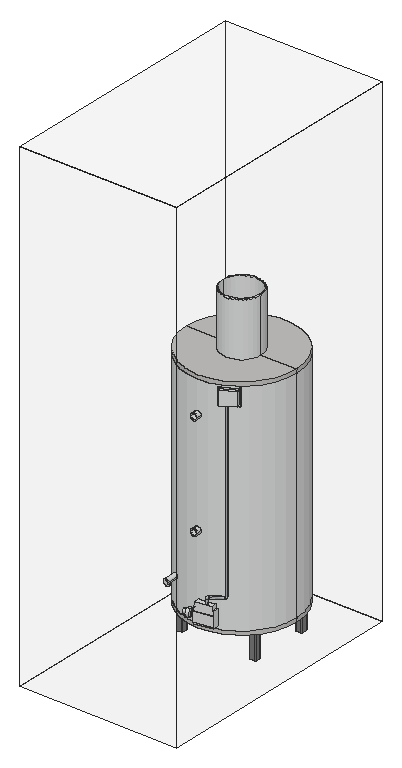
Revit family "HIflo-Range-Non-Condensing_54-418_Water-Heater_LOD200", category Mechanical Equipment, Revit 2014
Parameters (values of type "HIflo-Range_54-418")
  Weekly = ""
  Warranty ID = ""
  Voltage = 240 V  # constant formula
  URL = "http://www.andrewswaterheaters.co.uk/index.htm"
  Type = "Direct Gas Fired Water Heater"  # constant formula
  Supply Phase = "Single Phase"  # constant formula
  Storage Capacity = 245.00 L  # constant formula
  Shipping Weight = 293.00 kg  # constant formula
  Shipping Carton Width = 762 mm  # constant formula
  Shipping Carton Length = 914 mm  # constant formula
  Shipping Carton Height = 1960 mm  # constant formula
  Shape = "Cylindrical (Vertical)"  # constant formula
  Secondary Return Connection Type = "Threaded"  # constant formula
  Secondary Return Connection Size = 19.05 mm  # constant formula
  Safety Valve Connection Type = "Threaded"  # constant formula
  Safety Valve Connection Size = 25.4 mm  # constant formula
  Responsible Sourcing of Materials = ""
  Responsible Extraction of Materials = yes
  Reference Standard = "BSE 89"  # constant formula
  Recovery Rate litre/min = "28"  # constant formula
  Quarterly = ""
  Product Range = "Hiflo Range"  # constant formula
  Product Literature = "http://www.andrewswaterheaters.co.uk/downloads/Product_range_guide.pdf"
  Power Consumption of Shunt Pump = 0 W  # constant formula
  Overall Width = 0 mm  # constant formula
  Overall Length = 0 mm  # constant formula
  Overall Height = 1985 mm  # constant formula
  Overall Diameter = 711 mm  # constant formula
  Operation = "On/Off"  # constant formula
  Oil Flow Rate kg/h = "0"  # constant formula
  Oil Consumption Rate l/h = "0"  # constant formula
  O&M Manual = "http://www.andrewswaterheaters.co.uk/literature-library/current-products.htm"
  Nominal Oil Inlet Pressure mbar = "0"  # constant formula
  Nominal Gas Inlet Pressure = "21"  # constant formula
  Nett Weight = 514.00 kg  # constant formula
  Mounting = "Floor Standing"  # constant formula
  Monthly = ""
  Model = "54/418"  # constant formula
  Minimum Power Consumption = 120 W  # constant formula
  Minimum Oil Inlet Pressure mbar = "0"  # constant formula
  Minimum Gas Inlet Pressure mbar = "18"  # constant formula
  Min Operating Pressure mbar = "1"  # constant formula
  Maximum Water Temperature = 83 °F  # constant formula
  Maximum Starting Current = 3 A  # constant formula
  Maximum Power Consumption = 120 W  # constant formula
  Maximum Oil Inlet Pressure mbar = "0"  # constant formula
  Maximum Gas Inlet Pressure mbar = "40"  # constant formula
  Max Operating Pressure When Unvented = 3.50 psi  # constant formula
  Max Operating Pressure When Open Vented = 10.30 psi  # constant formula
  Material Ingredient Reporting = ""
  Manufacturer = "Andrews Water Heaters"  # constant formula
  Maintenance Required 8001-12000hrs = ""
  Maintenance Required 601-1000hrs = ""
  Maintenance Required 40001-8000hrs = ""
  Maintenance Required 301-600hrs = ""
  Maintenance Required 2001-4000hrs = ""
  Maintenance Required 1001-2000hrs = ""
  Maintenance Required 0-300hrs = ""
  Location of Manufacturer-GridRef = ""
  Life Cycle Analysis = ""
  Interlocks = yes
  Insulation Type = "Foam Injected"  # constant formula
  Insulation Thickness = 50 mm  # constant formula
  Heat Up Time mins = "9"  # constant formula
  Heat Loss kWh/24h = "283"  # constant formula
  Heat Generator Efficiency = "76"  # constant formula
  Heat Exchanger Material = Steel Glass Lined
  Gross Weight = 269.00 kg  # constant formula
  Gross Input Of Appliance = 128 Btu/h  # constant formula
  Green Guide for Specification = ""
  Gas Flow Rate = 11.94 CFM  # constant formula
  Gas Consumption rate = 11.94 CFM  # constant formula
  Fuse Rating = 5 A  # constant formula
  Full Load Current = 3 A  # constant formula
  Fuel Connection Type = "Threaded"  # constant formula
  Fuel Connection Size = 19.1 mm  # constant formula
  Fuel = "Gas - NG"  # constant formula
  Frequency = 50 Hz  # constant formula
  Flue or Air Intake Classification = "B11"  # constant formula
  Flue Connection Type = "External"  # constant formula
  Flue Connection Size = 250 mm  # constant formula
  Flue Connection Radius = Flue Connection Size / 2  # 125 mm
  Flue Connection Note = "80mm / 125mm"  # constant formula
  Flow and Return Connection Type = "Threaded"  # constant formula
  Flow and Return Connection Size = 38.1 mm  # constant formula
  Finish = "Painted"  # constant formula
  Features = "Open Flue Atmospheric Natural Draught"  # constant formula
  External Material = Aluminium
  Expected Life = ""
  ErP Energy Label = yes
  Environmental Product Declaration = ""
  Energy Technology List = no
  Enclosure Rating = "20"  # constant formula
  Emissions mg/kWh = "216"  # constant formula
  Embodied Carbon kgCO2e = ""
  Drain Connection Type = "Threaded"  # constant formula
  Drain Connection Size = 19.05 mm  # constant formula
  Daily = ""
  Control Type = "Internal"  # constant formula
  Control ThermostatRange = 40 °F
  Control Thermostat Range Note = "40 to 83"  # constant formula
  Continuous Output at 50 Degree Differential l/h = "1668"  # constant formula
  Continuous Output at 44 Degree Differential l/h = "1895"  # constant formula
  Condensing = no
  Condensate Drain Size = 0 mm  # constant formula
  Colour = "Grey (RAL 7047)"  # constant formula
  Clearance Box Visibility [instance] = yes
  Clean Out and Inspection Opening Type = "Flanged"  # constant formula
  CE Approval = "Yes - 0063AO1090"  # constant formula
  Bespoke Timeframe = ""
  BMS Links = yes
  Annually = ""
  Air Inlet Connection Type = "External"  # constant formula
  Air Inlet Connection Size = 0 mm  # constant formula
  Access Clearance Top = 1143 mm  # constant formula
  Access Clearance Right = 150 mm  # constant formula
  Access Clearance Rear = 150 mm  # constant formula
  Access Clearance Left = 150 mm  # constant formula
  Access Clearance Front = 800 mm  # constant formula
  Access Clearance Bottom = 0 mm  # constant formula
  6 Monthly = ""
Reference planes
  plane 1 "Center (Front/Back)": y = 0
  plane 2: z = 0
  plane 3 "Center (Left/Right)": x = 0
  plane 4: y = 355.5
  plane 5: y = -355.5
  plane 6: x = -355.5
  plane 7: x = 355.5
  plane 8: x = -505.5
  plane 9: x = 505.5
  plane 10: y = 505.5
  plane 11: y = -1155.5
  plane 12: z = 1985
  plane 13: z = 3128
Forms (mm)
  Extrusion 1, solid, material "Glass - Clear - Amber", visible <- "Clearance Box Visibility"
    sketch origin (2455.198, -3524, 0) x (0, -1, 0) y (1, 0, 0)
      loop
        line (-4029.5, -1949.698) -> (-4029.5, -2960.698) -> (-2368.5, -2960.698) -> (-2368.5, -1949.698) -> (-4029.5, -1949.698)
    from 0 to 3128
Dimensions and locks
  equal spacing: plane 6, plane 3 "Center (Left/Right)", plane 7
  equal spacing: plane 4, plane 1 "Center (Front/Back)", plane 5
  "Overall Diameter": plane 4 to plane 5
  "Overall Diameter": plane 6 to plane 7
  "Access Clearance Left": plane 8 to plane 6
  "Access Clearance Right": plane 7 to plane 9
  "Access Clearance Rear": plane 10 to plane 4
  "Access Clearance Front": plane 11 to plane 5
  "Overall Height": plane 12 to level
  "Access Clearance Top": plane 13 to plane 12
  aligned and locked: level to plane 2
  aligned and locked: level to Extrusion 1
  aligned and locked: plane 13 to Extrusion 1
  aligned and locked: plane 9 to Extrusion 1
  aligned and locked: Extrusion 1 to plane 8
  aligned and locked: plane 10 to Extrusion 1
  aligned and locked: plane 11 to Extrusion 1
  aligned and locked: plane 3 "Center (Left/Right)" to nested 1
  aligned and locked: level to nested 1
  aligned and locked: plane 1 "Center (Front/Back)" to nested 1
Automatic sketch dimensions
  Extrusion 1 sketch curve to plane 11 = 1661 mm
  Extrusion 1 sketch curve to Extrusion 1 sketch curve = 1661 mm
  Extrusion 1 sketch curve to plane 9 = 0 mm
  Extrusion 1 sketch curve to Extrusion 1 sketch curve = 1011 mm
Nested families
  nested 1: "HIflo-Range-Non-Condensing_54-418" at (0, 0, 170), type "Parametric"
    with Outlet Height 384 mm, OH 2170 mm, Flue Connection Radius 62.5 mm
Connectors
  hvac at (0, 0, 1985)
    settings: on nested 1, index 1, duct flow 0 CFM, flow factor 0, pres drop 0.00 in-wg, loss coef 0, conn angle 0.00°, conn width 12", conn height 12", conn diameter 9.84252", duct sys type 3, conn prof type 0, flow config 0, flow direction 2, loss method 0, conn ref index -1, conn util yes, is conn primary yes, conn desc "Flue Connection"
  piping at (0, -385.5, 1404), diameter 42
    settings: on nested 1, index 2, connector inside diameter 609.6 mm, connector length 0 mm, flow factor 0, pipe flow 0 GPM, pressure drop 0.00 psi, fitting loss kfactor 0, connector angle 0.00°, fixture units 0, engagement length 0 mm, angle of deflection 0.00°, flow configuration 0, flow direction 2, fitting loss method 0, system type 19, joint type 0, gender type 0, connector reference index -1, connector utility 1, adjustable connector no, is connector primary yes, connector description "Hot Water Flow"
  piping at (0, -385.5, 734), diameter 42
    settings: on nested 1, index 3, connector inside diameter 609.6 mm, connector length 0 mm, flow factor 0, pipe flow 0 GPM, pressure drop 0.00 psi, fitting loss kfactor 0, connector angle 0.00°, fixture units 0, engagement length 0 mm, angle of deflection 0.00°, flow configuration 0, flow direction 1, fitting loss method 0, system type 7, joint type 0, gender type 0, connector reference index -1, connector utility 1, adjustable connector no, is connector primary no, connector description "Alternative Side Inlet"
  piping at (-181.25, -369.75, 359), diameter 19.05, driven by "Drain Connection Size"
    settings: on nested 1, index 4, connector inside diameter 609.6 mm, connector length 0 mm, flow factor 0, pipe flow 0 GPM, pressure drop 0.00 psi, fitting loss kfactor 0, connector angle 0.00°, fixture units 0, engagement length 0 mm, angle of deflection 0.00°, flow configuration 0, flow direction 2, fitting loss method 0, system type 16, joint type 0, gender type 0, connector reference index -1, connector utility 1, adjustable connector no, is connector primary no, connector description "Drain/Return Connection"
  piping at (-56.841, -393.446, 264), diameter 19.1, driven by "Fuel Connection Size"
    settings: on nested 1, index 5, connector inside diameter 609.6 mm, connector length 0 mm, flow factor 0, pipe flow 0 GPM, pressure drop 0.00 psi, fitting loss kfactor 0, connector angle 0.00°, fixture units 0, engagement length 0 mm, angle of deflection 0.00°, flow configuration 0, flow direction 1, fitting loss method 0, system type 7, joint type 0, gender type 0, connector reference index -1, connector utility 1, adjustable connector no, is connector primary no, connector description "Gas Connection"
  electrical at (179.323, -330.28, 1547), driven by "Voltage", driven by "Maximum Power Consumption"
    settings: on nested 1, index 6, voltage 240 V, apparent load 120 VA, apparent load phase1 0 VA, apparent load phase2 0 VA, apparent load phase3 0 VA, power factor 1, load classification "Other", number of poles 1, system type 30, power factor state 1, is connector primary yes, connector utility yes, sub classification motor yes, connector description "Power Connection"
  electrical at (169.451, -312.887, 1547)
    settings: on nested 1, index 7, voltage 0 V, apparent load 0 VA, apparent load phase1 0 VA, apparent load phase2 0 VA, apparent load phase3 0 VA, power factor 1, load classification "Other", number of poles 1, system type 5, power factor state 1, is connector primary no, connector utility yes, sub classification motor no, connector description "Power Anodes"
Definition of nested family "HIflo-Range-Non-Condensing_54-418"
  Parameters (values of type "Parametric")
    URL = ""
    Radius = Overall Diameter / 2  # 355.5 mm
    R = 125 mm
    Overall Height = 1635 mm
    Overall Diameter = 711 mm
    Outlet Height [instance] = 435 mm
    OH [instance] = 2170 mm
    Outer Radius = Radius + 50 mm  # 405.5 mm
    Model = "EC230/600"
    Manufacturer = "Andrews Water Heaters"  # constant formula
    Leg VO = HO + 50 mm  # 168.5 mm
    HO = Radius / 3  # 118.5 mm
    Flue Connection Radius [instance] = 62.5 mm
    External Material = Aluminium
    Description = "Condensing Storage Water Heater"
    Cold Water Inlet = 734 mm
    CW Radius = 19.1 mm
    Base Material = Metal - Stainless Steel
  Reference planes
    plane 1 "Center (Front/Back)": y = 0
    plane 2: z = 0
    plane 3 "Center (Left/Right)": x = 0
    plane 4: x = -355.5
    plane 5: x = 355.5
    plane 6: y = 355.5
    plane 7: y = -355.5
    plane 8: z = 1465
    plane 9: z = 1440
    plane 10: z = 25
    plane 11: y = -385.5
    plane 12: z = 732.5
    plane 13: z = 1234
    plane 14: z = 1480
    plane 15: x = 330.5
    plane 16: x = 253
    plane 17: x = 188.149
    plane 18: x = -100
    plane 19: z = -170
    plane 20: z = 265
    plane 21: z = 240
    plane 22: y = -369.75
    plane 23: z = 564
    plane 24: y = -335.5
    plane 25: x = 237
    plane 26: y = -187
    plane 27: x = -237
    plane 28: y = 187
    plane 29: z = 94
    plane 30: z = 1430
    plane 31: z = 708
    plane 32: x = -181.5
    plane 33: y = -335.5
    plane 34: z = 750.009
    plane 35: z = 1815
    plane 36: z = 1726
  Forms (mm)
    Revolve 1, solid, material "Aluminium"
      sketch origin (0, 0, 0) x (1, 0, 0) y (0, 0, 1)
        loop
          line (-355.5, 1440) -> (-355.5, 25) -> (0, 25) -> (0, 1440) -> (-355.5, 1440)
        axis (0, 1440) -> (0, 25)
      angle from 0 to 360
    Revolve 2, solid, material "Metal - Stainless Steel" <- "Base Material"
      sketch origin (0, 0, 0) x (1, 0, 0) y (0, 0, 1)
        loop
          line (-355.5, 1465) -> (-355.5, 1440) -> (0, 1440) -> (0, 1465) -> (-355.5, 1465)
        loop
          line (-355.5, 0) -> (0, 0) -> (0, 25) -> (-355.5, 25) -> (-355.5, 0)
        axis (0, 1465) -> (0, 0)
      angle from 0 to 360
    Revolve 3, solid, material "Aluminium"
      sketch origin (0, 0, 0) x (1, 0, 0) y (0, 0, 1)
        loop
          line (-125, 1812.757) -> (-125, 1465) -> (-120, 1465) -> (-120, 1815) -> (-122.757, 1815)
          arc (-122.757, 1815) -> (-124.343, 1814.343) -> (-125, 1812.757) r 2.243
        axis (0, 1465) -> (0, 1815)
      angle from 0 to 360
    Extrusion 4, solid, material "Aluminium"
      sketch origin (-776.976, -228.5, 1200) x (-1, 0, 0) y (0, 0, -1)
        loop
          circle (-595.476, 935) r 15
      from -39.673 to 157
    Revolve 5, solid, material "Aluminium"
      sketch origin (-564.966, -1524, 564) x (-1, 0, 0) y (0, -1, 0)
        loop
          line (-545.866, -1138.5) -> (-545.866, -1188.5) -> (-543.866, -1188.5) -> (-543.866, -1138.5) -> (-545.866, -1138.5)
        axis (-564.966, -1188.5) -> (-564.966, -1138.5)
      angle from 0 to 360
    Extrusion 6, solid, material "Metal - Paint - Black Grey"
      sketch origin (-355.158, -1524, -170) x (-1, 0, 0) y (0, -1, 0)
        loop
          arc (-577.158, -1357) -> (-573.622, -1355.536) -> (-572.158, -1352) r 5
          line (-572.158, -1352) -> (-572.158, -1322)
          arc (-572.158, -1322) -> (-573.622, -1318.464) -> (-577.158, -1317) r 5
          line (-577.158, -1317) -> (-607.158, -1317)
          arc (-607.158, -1317) -> (-610.693, -1318.464) -> (-612.158, -1322) r 5
          line (-612.158, -1322) -> (-612.158, -1352)
          arc (-612.158, -1352) -> (-610.693, -1355.536) -> (-607.158, -1357) r 5
          line (-607.158, -1357) -> (-577.158, -1357)
        loop
          arc (-103.158, -1357) -> (-99.622, -1355.536) -> (-98.158, -1352) r 5
          line (-98.158, -1352) -> (-98.158, -1322)
          arc (-98.158, -1322) -> (-99.622, -1318.464) -> (-103.158, -1317) r 5
          line (-103.158, -1317) -> (-133.158, -1317)
          arc (-133.158, -1317) -> (-136.693, -1318.464) -> (-138.158, -1322) r 5
          line (-138.158, -1322) -> (-138.158, -1352)
          arc (-138.158, -1352) -> (-136.693, -1355.536) -> (-133.158, -1357) r 5
          line (-133.158, -1357) -> (-103.158, -1357)
        loop
          arc (-103.158, -1731) -> (-99.622, -1729.536) -> (-98.158, -1726) r 5
          line (-98.158, -1726) -> (-98.158, -1696)
          arc (-98.158, -1696) -> (-99.622, -1692.464) -> (-103.158, -1691) r 5
          line (-103.158, -1691) -> (-133.158, -1691)
          arc (-133.158, -1691) -> (-136.693, -1692.464) -> (-138.158, -1696) r 5
          line (-138.158, -1696) -> (-138.158, -1726)
          arc (-138.158, -1726) -> (-136.693, -1729.536) -> (-133.158, -1731) r 5
          line (-133.158, -1731) -> (-103.158, -1731)
        loop
          arc (-577.158, -1731) -> (-573.622, -1729.536) -> (-572.158, -1726) r 5
          line (-572.158, -1726) -> (-572.158, -1696)
          arc (-572.158, -1696) -> (-573.622, -1692.464) -> (-577.158, -1691) r 5
          line (-577.158, -1691) -> (-607.158, -1691)
          arc (-607.158, -1691) -> (-610.693, -1692.464) -> (-612.158, -1696) r 5
          line (-612.158, -1696) -> (-612.158, -1726)
          arc (-612.158, -1726) -> (-610.693, -1729.536) -> (-607.158, -1731) r 5
          line (-607.158, -1731) -> (-577.158, -1731)
      from 0 to 170
    Extrusion 7, solid, material "Aluminium"
      sketch origin (-333.263, -1537.75, 265) x (-1, 0, 0) y (0, -1, 0)
        loop
          circle (-152.013, -1168) r 9.525
        loop
          circle (-152.013, -1168) r 11.838
      from -25 to 0
    Revolve 8, solid, material "Aluminium"
      sketch origin (-355.158, -1524, 1234) x (-1, 0, 0) y (0, -1, 0)
        loop
          line (-336.058, -1138.5) -> (-336.058, -1188.5) -> (-334.058, -1188.5) -> (-334.058, -1138.5) -> (-336.058, -1138.5)
        axis (-355.158, -1188.5) -> (-355.158, -1138.5)
      angle from 0 to 360
  Cuts and joins
    joined: Revolve 1, Revolve 3, Extrusion 4, Revolve 5, Extrusion 7, Revolve 8
  Dimensions and locks
    equal spacing: plane 5, plane 3 "Center (Left/Right)", plane 4
    "Overall Diameter": plane 5 to plane 4
    "Overall Height": plane 8 to plane 19
    equal spacing: plane 6, plane 1 "Center (Front/Back)", plane 7
    "Overall Diameter": plane 6 to plane 7
    locked: plane 8 to plane 9 at 25
    locked: plane 10 to level at 25
    locked: plane 7 to plane 11 at 30
    equal spacing: plane 8, plane 12, level
    locked: plane 14 to plane 8 at 15
    locked: plane 15 to plane 5 at 25
    plane 3 "Center (Left/Right)" to plane 18 = 100 mm
    locked: level to plane 19 at 170
    "Outlet Height": plane 20 to plane 19
    plane 20 to plane 21 = 25 mm
    locked: plane 22 to plane 11 at 15.75
    "Cold Water Inlet": plane 23 to plane 19
    locked: Revolve 5 sketch curve to Revolve 5 sketch curve at 2
    locked: plane 7 to plane 24 at 20
    "CW Radius": Revolve 5 sketch curve to plane 3 "Center (Left/Right)"
    Extrusion 6 sketch curve to plane 26 to Extrusion 6 sketch curve = 20 mm locked, 20 mm locked  (x2)
    Extrusion 6 sketch curve to plane 25 to Extrusion 6 sketch curve = 20 mm locked, 20 mm locked  (x2)
    "HO": plane 25 to plane 5
    "HO": plane 4 to plane 27
    Extrusion 6 sketch curve to plane 27 to Extrusion 6 sketch curve = 20 mm locked, 20 mm locked  (x2)
    Extrusion 6 sketch curve to plane 28 to Extrusion 6 sketch curve = 20 mm locked, 20 mm locked  (x2)
    "Leg VO": plane 6 to plane 28
    "Leg VO": plane 7 to plane 26
    locked: plane 29 to plane 19 at 264
    locked: plane 9 to plane 30 at 10
    plane 31 to plane 19 = 878 mm
    "R": plane 3 "Center (Left/Right)" to Revolve 3 sketch curve
    locked: plane 32 to plane 4 at 174
    plane 13 to plane 19 = 1404 mm
    locked: Revolve 8 sketch curve to Revolve 8 sketch curve at 2
    plane 35 to plane 19 = 1985 mm
    aligned and locked: level to plane 2
    aligned and locked: Revolve 1 sketch curve to plane 4
    aligned and locked: Revolve 1 sketch curve to plane 9
    aligned and locked: Revolve 1 sketch curve to plane 3 "Center (Left/Right)"  (x2)
    aligned and locked: Revolve 1 sketch curve to plane 10
    aligned and locked: Revolve 2 sketch curve to plane 4  (x2)
    aligned and locked: Revolve 2 sketch curve to plane 9
    aligned and locked: Revolve 2 sketch curve to plane 8
    aligned and locked: Revolve 2 sketch curve to plane 3 "Center (Left/Right)"  (x3)
    aligned and locked: Revolve 2 sketch curve to level
    aligned and locked: Revolve 2 sketch curve to plane 10
    aligned and locked: plane 3 "Center (Left/Right)" to Revolve 3 sketch curve
    aligned and locked: plane 20 to Extrusion 4 sketch curve
    aligned and locked: Extrusion 4 to plane 11
    aligned and locked: Revolve 5 sketch curve to plane 24
    aligned and locked: plane 11 to Revolve 5 sketch curve
    aligned and locked: Revolve 5 sketch curve to plane 3 "Center (Left/Right)"
    aligned and locked: level to Extrusion 6
    aligned and locked: plane 3 "Center (Left/Right)" to nested 1
    aligned and locked: plane 32 to Extrusion 4 sketch curve
    aligned and locked: Revolve 8 sketch curve to plane 33
    aligned and locked: plane 11 to Revolve 8 sketch curve
    aligned and locked: Revolve 8 sketch curve to plane 3 "Center (Left/Right)"
    aligned and locked: nested 1 to plane 29
    aligned and locked: plane 20 to Extrusion 7
    aligned and locked: cut or joined group of Revolve 1, Revolve 3, Extrusion 4, Revolve 5, Extrusion 7, Revolve 8 to plane 21
  Automatic sketch dimensions
    plane 16 to Extrusion 6 sketch curve = 1 mm  (x4)
    Extrusion 6 sketch curve to Extrusion 6 sketch curve = 5 mm  (x12)
    Extrusion 7 sketch curve to Extrusion 7 sketch curve = 0 mm  (x2)
    Extrusion 7 sketch curve to plane 22 = 0 mm
    Extrusion 7 sketch curve to plane 27 = 55.75 mm
    Revolve 1 sketch curve to plane 19 = 303.045 mm
    plane 14 to Revolve 1 sketch curve = 935.315 mm
    Revolve 2 sketch curve to plane 19 = 303.045 mm
    plane 14 to Revolve 2 sketch curve = 935.315 mm
    Revolve 8 sketch curve to plane 3 "Center (Left/Right)" = 19.1 mm
    plane 6 to Revolve 8 sketch curve = 1771.5 mm
    Revolve 8 sketch curve to plane 11 = 1741.5 mm
    Revolve 3 sketch curve to plane 35 = 0 mm
    Revolve 3 sketch curve to plane 8 = 0 mm
    Revolve 3 sketch curve to Revolve 3 sketch curve = 2.243 mm
    Revolve 3 sketch curve to Revolve 3 sketch curve = 5 mm
    plane 14 to Revolve 3 sketch curve = 108.639 mm
    Revolve 3 sketch curve to Revolve 3 sketch curve = 20 mm
    plane 6 to Revolve 5 sketch curve = 1771.5 mm
    Revolve 5 sketch curve to plane 11 = 1741.5 mm
    radius of Extrusion 4 sketch curve = 15 mm
    radius of Extrusion 7 sketch curve = 9.525 mm
    radius of Extrusion 7 sketch curve = 11.838 mm
  Nested families
    nested 1: "Gas Cock" at (59.163, -350.542, 94) x (0.9861, 0.1664, 0) z (0.1664, -0.9861, 0), type "Gas Cock"
      with Height 1238 mm
  Definition of nested family "Gas Cock"
    Parameters (values of type "Gas Cock")
      Unit = Aluminium
      Height [instance] = 699.677 mm
      Default Elevation = 1219.2 mm
    Reference planes
      plane 1 "Center (Front/Back)": y = 0
      plane 2: z = 0
      plane 3 "Center (Left/Right)": x = 0
      plane 4: z = 2
      plane 5: z = 16.854
      plane 6: y = 699.677
      plane 7: x = 105.705
    Forms (mm)
      Extrusion 1, solid
        sketch origin (0, 0, 0) x (1, 0, 0) y (0, 1, 0)
          loop
            line (-1219.2, 1219.2) -> (-1219.2, -1219.2) -> (1219.2, -1219.2) -> (1219.2, 1219.2) -> (-1219.2, 1219.2)
        from 0 to -304.8
      Extrusion 2, solid, material "Aluminium" <- "Unit"
        sketch origin (0, 0, 0) x (1, 0, 0) y (0, 1, 0)
          loop
            line (-60, 25) -> (-60, -38) -> (60, -38) -> (60, 25) -> (-60, 25)
        from 0 to 43.501
      Extrusion 3, solid, material "Aluminium" <- "Unit"
        sketch origin (0, 0, 0) x (1, 0, 0) y (0, 1, 0)
          loop
            line (-60, 25) -> (60, 25) -> (60, 50) -> (50, 50) -> (50, 75) -> (-50, 75) -> (-50, 50) -> (-60, 50) -> (-60, 25)
          loop
            line (60, -38) -> (-60, -38) -> (-60, -50) -> (60, -50) -> (60, -38)
        from 0 to 35.631
      Revolve 4, solid, material "Aluminium" <- "Unit"
        sketch origin (0, 0, 23) x (1, 0, 0) y (0, 1, 0)
          loop
            line (-101.527, 13) -> (-121.527, 13) -> (-121.527, 0) -> (-2.605, 0) -> (-2.605, 16.125) -> (-70, 16.125) -> (-70, 13) -> (-81.527, 13) -> (-81.527, 23) -> (-101.527, 23) -> (-101.527, 13)
          axis (-2.605, 0) -> (-121.527, 0)
        angle from 0 to 360
      Sweep 5, solid
        path origin (25.278, 840, 22.718) x (0.920505, 0, -0.390731) y (0, 1, 0)
          loop
            line (85.586, -140.323) -> (85.586, -714.68)
            arc (85.586, -714.68) -> (83.62, -719.427) -> (78.873, -721.393) r 6.713
            line (78.873, -721.393) -> (-4.414, -721.393)
            arc (-4.414, -721.393) -> (-11.485, -724.322) -> (-14.414, -731.393) r 10
            line (-14.414, -731.393) -> (-14.414, -765)
        profile origin (104.061, 412.498, -10.724) x (0.920505, 0, -0.390731) y (0.390731, 0, 0.920505)
          loop
            circle (0, 0) r 5
      Extrusion 6, solid, material "Aluminium" <- "Unit"
        sketch origin (48.171, -3872.323, 5.554) x (-0.939693, 0, 0.34202) y (0, -1, 0)
          loop
            arc (-121.135, -4660) -> (-120.55, -4661.414) -> (-119.135, -4662) r 2
            line (-119.135, -4662) -> (-23.135, -4662)
            arc (-23.135, -4662) -> (-21.721, -4661.414) -> (-21.135, -4660) r 2
            line (-21.135, -4660) -> (-21.135, -4574)
            arc (-21.135, -4574) -> (-21.721, -4572.586) -> (-23.135, -4572) r 2
            line (-23.135, -4572) -> (-119.135, -4572)
            arc (-119.135, -4572) -> (-120.55, -4572.586) -> (-121.135, -4574) r 2
            line (-121.135, -4574) -> (-121.135, -4660)
        from 0 to 20
      Extrusion 7, solid, material "Aluminium" <- "Unit"
        sketch origin (114.332, 699.677, -20.655) x (0.939693, 0, -0.34202) y (0, 1, 0)
          loop
            arc (58, 96) -> (57.414, 97.414) -> (56, 98) r 2
            line (56, 98) -> (-56, 98)
            arc (-56, 98) -> (-57.414, 97.414) -> (-58, 96) r 2
            line (-58, 96) -> (-58, -6)
            arc (-58, -6) -> (-57.414, -7.414) -> (-56, -8) r 2
            line (-56, -8) -> (56, -8)
            arc (56, -8) -> (57.414, -7.414) -> (58, -6) r 2
            line (58, -6) -> (58, 96)
        from -26.37 to 2
    Cuts and joins
      joined: Extrusion 2, Extrusion 3, Revolve 4
    Lines and regions (mm)
      model lines
        curve 1: line (-50, 50, 35.631) -> (50, 50, 35.631)
    Dimensions and locks
      locked: plane 4 to Extrusion 1 at 2
      "Height": plane 1 "Center (Front/Back)" to plane 6
      aligned and locked: plane 2 to Extrusion 1
      aligned and locked: level to Extrusion 1
      aligned and locked: plane 6 to Sweep 5 sketch curve
      aligned and locked: Extrusion 7 to Extrusion 6
    Automatic sketch dimensions
      Extrusion 1 sketch curve to Extrusion 1 sketch curve = 2438.4 mm  (x2)
      Extrusion 2 sketch curve to plane 3 "Center (Left/Right)" = 60 mm
      plane 7 to Extrusion 2 sketch curve = 45.705 mm
      plane 1 "Center (Front/Back)" to Extrusion 2 sketch curve = 38 mm
      Extrusion 2 sketch curve to plane 1 "Center (Front/Back)" = 25 mm
      Extrusion 3 sketch curve to plane 1 "Center (Front/Back)" = 25 mm
      Extrusion 3 sketch curve to plane 3 "Center (Left/Right)" = 60 mm  (x2)
      Extrusion 3 sketch curve to Extrusion 3 sketch curve = 10 mm  (x2)
      plane 3 "Center (Left/Right)" to Extrusion 3 sketch curve = 50 mm
      plane 7 to Extrusion 3 sketch curve = 45.705 mm
      plane 1 "Center (Front/Back)" to Extrusion 3 sketch curve = 38 mm
      Extrusion 3 sketch curve to Extrusion 3 sketch curve = 12 mm
      Extrusion 3 sketch curve to Extrusion 3 sketch curve = 25 mm  (x3)
      plane 1 "Center (Front/Back)" to Revolve 4 sketch curve = 0 mm  (x2)
      Revolve 4 sketch curve to plane 1 "Center (Front/Back)" = 13 mm  (x2)
      Revolve 4 sketch curve to plane 3 "Center (Left/Right)" = 121.527 mm
      Revolve 4 sketch curve to Revolve 4 sketch curve = 20 mm  (x2)
      Revolve 4 sketch curve to Revolve 4 sketch curve = 11.527 mm
      plane 7 to Revolve 4 sketch curve = 108.31 mm
      Revolve 4 sketch curve to Revolve 4 sketch curve = 3.125 mm
      Revolve 4 sketch curve to Revolve 4 sketch curve = 10 mm  (x2)
      Revolve 4 sketch curve to Revolve 4 sketch curve = 0 mm
      curve 1 to Extrusion 3 = 0 mm  (x3)
      Sweep 5 sketch curve to plane 1 "Center (Front/Back)" = 108.607 mm
      Sweep 5 sketch curve to Sweep 5 sketch curve = 10 mm
      Sweep 5 sketch curve to Sweep 5 sketch curve = 83.287 mm
      Sweep 5 sketch curve to Sweep 5 sketch curve = 6.713 mm
      Sweep 5 sketch curve to Sweep 5 sketch curve = 33.607 mm
      profile plane to Sweep 5 sketch curve = 0 mm
      Sweep 5 sketch curve to profile plane = 0 mm
      Extrusion 6 sketch curve to plane 6 = 0 mm
      plane 6 to Extrusion 6 sketch curve = 2 mm  (x2)
      Extrusion 6 sketch curve to Extrusion 6 sketch curve = 2 mm  (x2)
      Extrusion 6 sketch curve to Extrusion 6 sketch curve = 96 mm
      Extrusion 6 sketch curve to Extrusion 6 sketch curve = 86 mm
      Extrusion 7 sketch curve to Extrusion 7 sketch curve = 2 mm  (x3)
      Extrusion 7 sketch curve to plane 6 = 6 mm
      plane 6 to Extrusion 7 sketch curve = 96 mm
      Extrusion 7 sketch curve to Extrusion 7 sketch curve = 112 mm
      Extrusion 7 sketch curve to Extrusion 7 sketch curve = 0 mm
      radius of Sweep 5 sketch curve = 5 mm
